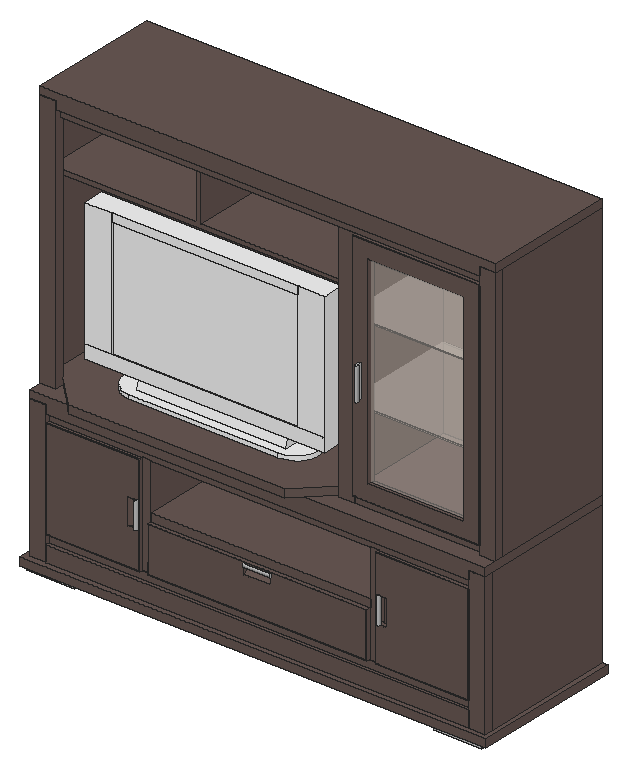
Revit family
Parameters (values of type "1710mm x 1600mm x 550mm")
  Voile TV = Plastique - Gris métal
  TV [instance] = yes
  Poignée = Métal - Alu brossé
  Verre = Verre - Mobilier
  Pieds = Métal - Alu brossé
  Profondeur = 550 mm
  Largeur = 1710 mm
  Hauteur de la base = 600 mm
  Hauteur = 1600 mm
  Finition = Bois - Exotique
  Description = ""
Reference planes
  plane 1 "Arrière": y = 726.112
  plane 2: z = 0
  plane 3 "Centre (gauche/droite)": x = -10
  plane 4 "Gauche": x = -865
  plane 5 "Droite": x = 845
  plane 6 "Avant": y = 176.112
  plane 7 "HAUT": z = 1600
  plane 8: z = 600
  plane 9: x = -437.5
  plane 10: x = 417.5
  plane 11: y = 206.112
  plane 12: y = 201.112
  plane 13: x = -850
  plane 14: x = -805
  plane 15: x = 830
  plane 16: x = 785
  plane 17: z = 40
  plane 18: z = 320
  plane 19: z = 510
  plane 20: z = 130
  plane 21: x = -422.5
  plane 22: x = 402.5
  plane 23: x = -452.5
  plane 24: x = 432.5
  plane 25: y = 226.112
  plane 26: y = 251.112
Forms (mm)
  Extrusion 1, solid, material "Bois - Exotique" <- "Finition"
    sketch origin (-437.5, -1510.806, 1087.34) x (0, 0, 1) y (0, -1, 0)
      loop
        line (-547.34, -2221.918) -> (-547.34, -1716.918) -> (-577.34, -1716.918) -> (-577.34, -1701.918) -> (-957.34, -1701.918) -> (-957.34, -1716.918) -> (-1047.34, -1716.918) -> (-1047.34, -2221.918) -> (-547.34, -2221.918)
    from -15 to 15
  Extrusion 2, solid, material "Bois - Exotique" <- "Finition"
    sketch origin (417.5, -1524, 1087.34) x (0, 0, 1) y (0, -1, 0)
      loop
        line (-1047.34, -1730.112) -> (-1047.34, -2235.112) -> (-547.34, -2235.112) -> (-547.34, -1730.112) -> (-577.34, -1730.112) -> (-577.34, -1715.112) -> (-957.34, -1715.112) -> (-957.34, -1730.112) -> (-1047.34, -1730.112)
    from -15 to 15
  Extrusion 3, solid, material "Bois - Exotique" <- "Finition"
    sketch origin (0, 726.112, 0) x (1, 0, 0) y (0, 0, 1)
      loop
        line (-422.5, 335) -> (-422.5, 305) -> (402.5, 305) -> (402.5, 335) -> (-422.5, 335)
    from 15 to 535
Dimensions and locks
  equal spacing: plane 4 "Gauche", plane 3 "Centre (gauche/droite)", plane 5 "Droite"
  "Largeur": plane 4 "Gauche" to plane 5 "Droite"
  "Hauteur": plane 7 "HAUT" to level
  "Profondeur": plane 6 "Avant" to plane 1 "Arrière"
  equal spacing: plane 4 "Gauche", plane 9, plane 3 "Centre (gauche/droite)"
  equal spacing: plane 3 "Centre (gauche/droite)", plane 10, plane 5 "Droite"
  locked: plane 6 "Avant" to plane 11 at 30
  locked: plane 6 "Avant" to plane 12 at 25
  locked: plane 4 "Gauche" to plane 13 at 15
  locked: plane 4 "Gauche" to plane 14 at 60
  locked: plane 15 to plane 5 "Droite" at 15
  locked: plane 16 to plane 5 "Droite" at 60
  locked: plane 17 to level at 40
  locked: plane 1 "Arrière" to Extrusion 1 sketch curve at 15
  locked: Extrusion 1 sketch curve to plane 8 at 60
  locked: Extrusion 1 sketch curve to plane 8 at 90
  locked: Extrusion 1 sketch curve to plane 17 at 90
  locked: plane 11 to Extrusion 1 sketch curve at 15
  locked: Extrusion 2 sketch curve to plane 1 "Arrière" at 15
  locked: Extrusion 2 sketch curve to plane 8 at 60
  locked: Extrusion 2 sketch curve to plane 8 at 90
  locked: Extrusion 2 sketch curve to plane 17 at 90
  locked: Extrusion 2 sketch curve to plane 11 at 15
  equal spacing: plane 8, plane 18, plane 17
  locked: plane 8 to plane 19 at 90
  locked: plane 20 to plane 17 at 90
  locked: Extrusion 3 sketch curve to plane 9 at 15
  locked: plane 10 to Extrusion 3 sketch curve at 15
  locked: Extrusion 3 sketch curve to plane 18 at 15
  equal spacing: Extrusion 3 sketch curve, plane 18, Extrusion 3 sketch curve
  locked: plane 21 to plane 9 at 15
  locked: plane 10 to plane 22 at 15
  locked: plane 9 to plane 23 at 15
  locked: plane 24 to plane 10 at 15
  locked: plane 6 "Avant" to plane 25 at 50
  locked: plane 25 to plane 26 at 25
  "Hauteur de la base": plane 8 to level
  plane 3 "Centre (gauche/droite)" to nested 7 to plane 9 = 277.5 mm, 150 mm
  locked: plane 6 "Avant" to nested 7 at 100
  aligned and locked: plane 1 "Arrière" to nested 1
  aligned and locked: plane 4 "Gauche" to nested 1
  aligned and locked: plane 5 "Droite" to nested 1
  aligned and locked: plane 6 "Avant" to nested 1
  aligned and locked: plane 17 to Extrusion 1 sketch curve
  aligned and locked: Extrusion 1 sketch curve to plane 11  (x2)
  aligned and locked: Extrusion 2 sketch curve to plane 17
  aligned and locked: plane 11 to Extrusion 2 sketch curve  (x2)
  aligned and locked: Extrusion 1 to Extrusion 3
  aligned and locked: plane 20 to nested 2
  aligned and locked: plane 21 to nested 2
  aligned and locked: plane 22 to nested 2
  aligned and locked: plane 12 to nested 3
  aligned and locked: nested 4 to plane 12
  aligned and locked: plane 14 to nested 4
  aligned and locked: plane 16 to nested 3
  aligned and locked: nested 4 to plane 20
  aligned and locked: plane 20 to nested 3
  aligned and locked: nested 4 to plane 19
  aligned and locked: plane 19 to nested 3
  aligned and locked: plane 23 to nested 4
  aligned and locked: plane 24 to nested 3
  aligned and locked: plane 12 to nested 2
  aligned and locked: plane 26 to nested 5
  aligned and locked: plane 16 to nested 5
  aligned and locked: plane 8 to nested 1
  aligned and locked: plane 8 to nested 6
  aligned and locked: plane 4 "Gauche" to nested 6
  aligned and locked: plane 5 "Droite" to nested 6
  aligned and locked: plane 1 "Arrière" to nested 6
  aligned and locked: plane 25 to nested 6
  aligned and locked: plane 7 "HAUT" to nested 6
  aligned and locked: nested 6 to nested 5  (x2)
  aligned and locked: nested 5 to nested 6
  aligned and locked: nested 7 to nested 6  (x2)
Nested families
  nested 1: "#Base" at (0, 726.112, 0), type "#Base"
    with Profondeur 550 mm, Largeur 1710 mm, Hauteur 600 mm
  nested 2: "#PanneauHor" at (-60, -1057.281, -670), type "#PanneauHor"
    with L 825 mm, H 175 mm
  nested 3: "#PanneauVer" at (558.75, -1057.281, -670), type "#PanneauVer"
    with L 352.5 mm, H 380 mm
  nested 4: "#PanneauVer" at (-578.75, -1057.281, -670) x (-1, 0, 0) z (0, 0, 1), type "#PanneauVer"
    with L 352.5 mm, H 380 mm
  nested 5: "#PorteVitréeBV" at (495, -1007.281, -170), type "#PorteVitréeBV"
    with L 480 mm, Hauteur de la poignée 1200 mm, H 880 mm
  nested 6: "#BaseH" at (85, 726.112, 0), type "#BaseH"
    with Profondeur 500 mm, Largeur 1710 mm, Hauteur de la base 600 mm, Hauteur 1000 mm
  nested 7: "PlasmaTV" at (-277.5, 150, 630), visible <- "TV", type "PlasmaTV"
Definition of nested family "#Base"
  Parameters (values of type "#Base")
    Pieds = Métal - Alu brossé
    Profondeur [instance] = 400 mm
    Largeur [instance] = 640 mm
    Hauteur [instance] = 1810 mm
    Finition = Bois - Exotique
    Assembly Code = ""
  Reference planes
    plane 1 "Arrière": y = 0
    plane 2: z = 0
    plane 3 "Centre (gauche/droite)": x = -10
    plane 4: x = -330
    plane 5: x = 310
    plane 6 "Avant": y = -400
    plane 7: z = 10
    plane 8: z = 40
    plane 9: z = 1810
    plane 10: z = 1750
    plane 11: z = 1780
    plane 12: z = 100
  Forms (mm)
    Extrusion 1, solid, material "Bois - Exotique" <- "Finition"
      sketch origin (1257.924, -1524, 10) x (0, -1, 0) y (-1, 0, 0)
        loop
          line (-1524, 1607.924) -> (-1524, 927.924) -> (-1104, 927.924) -> (-1104, 1607.924) -> (-1524, 1607.924)
      from 0 to -30
    Extrusion 2, solid, material "Métal - Alu brossé" <- "Pieds"
      sketch origin (0, 0, 0) x (1, 0, 0) y (0, 1, 0)
        loop
          line (-330, -415) -> (-150, -415) -> (-150, -350) -> (-330, -350) -> (-330, -415)
        loop
          line (-330, -65) -> (-150, -65) -> (-150, 0) -> (-330, 0) -> (-330, -65)
        loop
          line (130, -65) -> (310, -65) -> (310, 0) -> (130, 0) -> (130, -65)
        loop
          line (130, -415) -> (310, -415) -> (310, -350) -> (130, -350) -> (130, -415)
      from 0 to 10
    Extrusion 3, solid, material "Bois - Exotique" <- "Finition"
      sketch origin (1257.924, -1524, 40) x (0, -1, 0) y (-1, 0, 0)
        loop
          line (-1124, 1587.924) -> (-1154, 1587.924) -> (-1154, 1527.924) -> (-1124, 1527.924) -> (-1124, 1587.924)
        loop
          line (-1124, 1007.924) -> (-1154, 1007.924) -> (-1154, 947.924) -> (-1124, 947.924) -> (-1124, 1007.924)
      from 0 to -1740
    Extrusion 4, solid, material "Bois - Exotique" <- "Finition"
      sketch origin (0, 0, 0) x (1, 0, 0) y (0, 0, 1)
        loop
          line (-330, 1810) -> (-330, 1750) -> (310, 1750) -> (310, 1810) -> (-330, 1810)
      from 0 to 400
    Extrusion 5, solid, material "Bois - Exotique" <- "Finition"
      sketch origin (1257.924, -1524, 40) x (0, -1, 0) y (-1, 0, 0)
        loop
          line (-1154, 1587.924) -> (-1524, 1587.924) -> (-1524, 947.924) -> (-1154, 947.924) -> (-1154, 962.924) -> (-1509, 962.924) -> (-1509, 1572.924) -> (-1154, 1572.924) -> (-1154, 1587.924)
      from 0 to -1740
    Extrusion 6, solid, material "Bois - Exotique" <- "Finition"
      sketch origin (1257.924, -1524, 40) x (0, -1, 0) y (-1, 0, 0)
        loop
          line (-1124, 1527.924) -> (-1139, 1527.924) -> (-1139, 1007.924) -> (-1124, 1007.924) -> (-1124, 1527.924)
      from 0 to -60
    Sweep 7, void
      path in 3D
        loop
          line (-270, -400, 40) -> (-270, -400, 100)
      profile "PCR : 1.5mm x 1.5mm" origin (-270, -400, 70) x (0, 1, 0) y (-1, 0, 0)
        loop
          line (0, 0) -> (0, -1.5) -> (1.5, -1.5) -> (1.5, 0) -> (0, 0)
    Sweep 8, void
      path in 3D
        loop
          line (250, -400, 40) -> (250, -400, 100)
      profile "PCR : 1.5mm x 1.5mm" origin (250, -400, 70) x (0, -1, 0) y (1, 0, 0)
        loop
          line (0, 0) -> (-1.5, 0) -> (-1.5, -1.5) -> (0, -1.5) -> (0, 0)
    Extrusion 9, solid, material "Bois - Exotique" <- "Finition"
      sketch origin (1257.924, -1524, 1750) x (0, -1, 0) y (-1, 0, 0)
        loop
          line (-1139, 1527.924) -> (-1154, 1527.924) -> (-1154, 1007.924) -> (-1139, 1007.924) -> (-1139, 1527.924)
      from 0 to 30
    Extrusion 10, solid, material "Bois - Exotique" <- "Finition"
      sketch origin (1257.924, -1524, 40) x (0, -1, 0) y (-1, 0, 0)
        loop
          line (-1154, 1527.924) -> (-1154, 1007.924) -> (-1139, 1007.924) -> (-1139, 1527.924) -> (-1154, 1527.924)
      from 0 to -90
    Extrusion 11, void
      sketch origin (1257.924, -1524, 1750) x (-1, 0, 0) y (0, -1, 0)
        loop
          line (1587.924, -1124) -> (1526.424, -1124) -> (1526.424, -1154) -> (1587.924, -1154) -> (1587.924, -1124)
        loop
          line (1009.424, -1124) -> (947.924, -1124) -> (947.924, -1154) -> (1009.424, -1154) -> (1009.424, -1124)
      from 0 to 31.5
    Sweep 12, void
      path in 3D
        loop
          line (-330, -400, 1810) -> (-330, 0, 1810)
      profile "PCR : 1.5mm x 1.5mm" origin (-330, -200, 1810) x (-1, 0, 0) y (0, 0, 1)
        loop
          line (0, -28.5) -> (-1.5, -28.5) -> (-1.5, -30) -> (0, -30) -> (0, -28.5)
    Sweep 13, void
      path in 3D
        loop
          line (310, -400, 1810) -> (310, 0, 1810)
      profile "PCR : 1.5mm x 1.5mm" origin (310, -200, 1810) x (-1, 0, 0) y (0, 0, 1)
        loop
          line (0, -28.5) -> (0, -30) -> (1.5, -30) -> (1.5, -28.5) -> (0, -28.5)
  Cuts and joins
    Sweep 7, Sweep 8, Sweep 13 cuts Extrusion 3
    Extrusion 11, Sweep 12, Sweep 13 cuts Extrusion 4
    Extrusion 11, Sweep 12, Sweep 13 cuts Extrusion 5
    Extrusion 11, Sweep 12, Sweep 13 cuts Extrusion 9
    joined: Extrusion 4, Extrusion 5, Extrusion 9
    Sweep 7, Sweep 8 cuts Extrusion 1
    Sweep 7, Sweep 8 cuts Extrusion 6
  Lines and regions (mm)
    sketch lines
      curve 1: line (-270, -400, 40) -> (-270, -400, 100)
      curve 2: line (250, -400, 40) -> (250, -400, 100)
      curve 3: line (-330, -400, 1810) -> (-330, 0, 1810)
      curve 4: line (310, -400, 1810) -> (310, 0, 1810)
    symbolic lines
      curve 5: line (-330, -400, 1750) -> (-330, 0, 1750)
      curve 6: line (310, -400, 1750) -> (-330, -400, 1750)
      curve 7: line (310, 0, 1750) -> (310, -400, 1750)
  Dimensions and locks
    locked: plane 7 to plane 2 at 10
    locked: plane 8 to plane 2 at 40
    Extrusion 1 sketch curve to plane 4 = 20 mm
    plane 5 to Extrusion 1 sketch curve = 20 mm
    locked: Extrusion 1 sketch curve to plane 6 "Avant" at 20
    locked: plane 4 to Extrusion 2 sketch curve at 180
    locked: Extrusion 2 sketch curve to plane 5 at 180
    locked: Extrusion 2 sketch curve to plane 1 "Arrière" at 65
    locked: plane 6 "Avant" to Extrusion 2 sketch curve at 50
    "Hauteur": plane 9 to plane 2
    locked: plane 9 to plane 10 at 60
    locked: plane 9 to plane 11 at 30
    locked: Extrusion 3 sketch curve to Extrusion 3 sketch curve at 60  (x2)
    locked: Extrusion 3 sketch curve to Extrusion 3 sketch curve at 30
    locked: plane 6 "Avant" to Extrusion 5 sketch curve at 30
    locked: plane 4 to Extrusion 5 sketch curve at 15
    locked: Extrusion 5 sketch curve to plane 5 at 15
    locked: Extrusion 5 sketch curve to plane 1 "Arrière" at 15
    locked: Extrusion 2 sketch curve to plane 6 "Avant" at 15
    locked: plane 6 "Avant" to Extrusion 6 sketch curve at 15
    locked: plane 4 to Extrusion 6 sketch curve at 60
    locked: Extrusion 6 sketch curve to plane 5 at 60
    locked: plane 12 to plane 8 at 60
    equal spacing: plane 4, plane 3 "Centre (gauche/droite)", plane 5
    "Largeur": plane 4 to plane 5
    "Profondeur": plane 6 "Avant" to plane 1 "Arrière"
    locked: plane 6 "Avant" to Extrusion 9 sketch curve at 15
    locked: plane 6 "Avant" to Extrusion 9 sketch curve at 30
    locked: plane 4 to Extrusion 9 sketch curve at 60
    locked: Extrusion 9 sketch curve to plane 5 at 60
    locked: plane 6 "Avant" to Extrusion 10 sketch curve at 15
    locked: plane 6 "Avant" to Extrusion 10 sketch curve at 30
    locked: plane 4 to Extrusion 10 sketch curve at 60
    locked: Extrusion 10 sketch curve to plane 5 at 60
    locked: plane 6 "Avant" to Extrusion 11 sketch curve at 30
    locked: plane 4 to Extrusion 11 sketch curve at 61.5
    locked: Extrusion 11 sketch curve to plane 5 at 61.5
    aligned and locked: plane 1 "Arrière" to Extrusion 1 sketch curve
    aligned and locked: Extrusion 1 to plane 8
    aligned and locked: Extrusion 2 sketch curve to Extrusion 2 sketch curve  (x8)
    aligned and locked: Extrusion 2 sketch curve to plane 1 "Arrière"
    aligned and locked: Extrusion 2 sketch curve to plane 4
    aligned and locked: plane 5 to Extrusion 2 sketch curve
    aligned and locked: Extrusion 2 to plane 7
    aligned and locked: Extrusion 3 sketch curve to Extrusion 3 sketch curve  (x2)
    aligned and locked: Extrusion 3 sketch curve to plane 4
    aligned and locked: plane 6 "Avant" to Extrusion 3 sketch curve
    aligned and locked: plane 5 to Extrusion 3 sketch curve
    aligned and locked: Extrusion 3 to plane 11
    aligned and locked: Extrusion 4 sketch curve to plane 4
    aligned and locked: plane 5 to Extrusion 4 sketch curve
    aligned and locked: Extrusion 4 sketch curve to plane 9
    aligned and locked: plane 10 to Extrusion 4 sketch curve
    aligned and locked: Extrusion 5 sketch curve to Extrusion 5 sketch curve
    aligned and locked: plane 4 to Extrusion 5 sketch curve
    aligned and locked: Extrusion 5 sketch curve to plane 5
    aligned and locked: Extrusion 5 to plane 11
    aligned and locked: Extrusion 5 sketch curve to plane 1 "Arrière"
    aligned and locked: plane 6 "Avant" to Extrusion 6 sketch curve
    aligned and locked: cut or joined group of Extrusion 6, Sweep 7, Sweep 8 to plane 12
    aligned and locked: plane 6 "Avant" to cut or joined group of Extrusion 4, Extrusion 5, Extrusion 9, Extrusion 11, Sweep 12, Sweep 13
    aligned and locked: plane 6 "Avant" to Extrusion 11 sketch curve  (x2)
    aligned and locked: Extrusion 11 sketch curve to plane 4
    aligned and locked: plane 5 to Extrusion 11 sketch curve
    aligned and locked: Extrusion 11 sketch curve to Extrusion 11 sketch curve
    aligned and locked: curve 5 to cut or joined group of Extrusion 4, Extrusion 5, Extrusion 9, Extrusion 11, Sweep 12, Sweep 13
    aligned and locked: curve 6 to cut or joined group of Extrusion 4, Extrusion 5, Extrusion 9, Extrusion 11, Sweep 12, Sweep 13
    aligned and locked: curve 7 to cut or joined group of Extrusion 4, Extrusion 5, Extrusion 9, Extrusion 11, Sweep 12, Sweep 13
  Automatic sketch dimensions
    curve 5 to plane 1 "Arrière" = 0 mm
    curve 6 to plane 5 = 0 mm
    curve 6 to plane 6 "Avant" = 0 mm
    curve 5 to plane 4 = 0 mm
    curve 7 to plane 1 "Arrière" = 0 mm
Definition of nested family "#PanneauHor"
  Parameters (values of type "#PanneauHor")
    Poignée = Métal - Alu brossé
    L [instance] = 800 mm
    H [instance] = 300 mm
    Finition = Bois - Exotique
    Assembly Code = ""
  Reference planes
    plane 1 "Arrière": y = 1258.392
    plane 2: z = 0
    plane 3 "Centre (gauche/droite)": x = 50
    plane 4: x = -350
    plane 5: x = 450
    plane 6: z = 800
    plane 7 "H": z = 1100
    plane 8: x = 0
    plane 9: x = 100
  Forms (mm)
    Extrusion 1, solid, material "Bois - Exotique" <- "Finition"
      sketch origin (0, 1258.392, 0) x (1, 0, 0) y (0, 0, 1)
        loop
          line (-348.5, 801.5) -> (448.5, 801.5) -> (448.5, 1098.5) -> (-348.5, 1098.5) -> (-348.5, 801.5)
      from 0 to 25
    Sweep 2, void
      path origin (0, 0, 1100) x (0, -1, 0) y (1, 0, 0)
        loop
          line (-1233.392, 100) -> (-1233.392, 0)
      profile "PC-PT : #01" origin (50, 1233.392, 1100) x (0, -1, 0) y (0, 0, 1)
        loop
          line (0, -13) -> (-5, -13) -> (-5, -6) -> (-20, -6) -> (-20, -16)
          arc (-20, -16) -> (-14.652, -33.708) -> (0, -45) r 30.277
          line (0, -45) -> (0, -13)
    Sweep 3, solid, material "Métal - Alu brossé" <- "Poignée"
      path in 3D
        loop
          line (0, 1233.392, 1087) -> (100, 1233.392, 1087)
      profile "PP : Rayon de 6 mm" origin (50, 1233.392, 1087) x (0, -1, 0) y (0, 0, -1)
        loop
          arc (0, -6.004) -> (2.836, 5.292) -> (-5, -3.325) r 6.004
          line (-5, -3.325) -> (-5, 0) -> (0, 0) -> (0, -6.004)
    Sweep 4, void
      path in 3D
        loop
          line (-348.5, 1233.392, 801.5) -> (448.5, 1233.392, 801.5) -> (448.5, 1233.392, 1098.5) -> (-348.5, 1233.392, 1098.5) -> (-348.5, 1233.392, 801.5)
      profile "PCA : 2mm x 2mm" origin (-348.5, 1233.392, 950) x (0, -1, 0) y (-1, 0, 0)
        loop
          line (-2, 0) -> (0, -2) -> (0, 0) -> (-2, 0)
  Cuts and joins
    Sweep 2, Sweep 4 cuts Extrusion 1
  Lines and regions (mm)
    sketch lines
      curve 1: line (0, 1233.392, 1087) -> (100, 1233.392, 1087)
      curve 2: line (-348.5, 1233.392, 1098.5) -> (-348.5, 1233.392, 801.5)
      curve 3: line (448.5, 1233.392, 1098.5) -> (-348.5, 1233.392, 1098.5)
      curve 4: line (448.5, 1233.392, 801.5) -> (448.5, 1233.392, 1098.5)
      curve 5: line (-348.5, 1233.392, 801.5) -> (448.5, 1233.392, 801.5)
  Dimensions and locks
    equal spacing: plane 4, plane 3 "Centre (gauche/droite)", plane 5
    "L": plane 4 to plane 5
    "H": plane 7 "H" to plane 6
    locked: plane 7 "H" to Extrusion 1 sketch curve at 1.5
    locked: Extrusion 1 sketch curve to plane 6 at 1.5
    locked: Extrusion 1 sketch curve to plane 4 at 1.5
    locked: plane 5 to Extrusion 1 sketch curve at 1.5
    locked: plane 8 to plane 3 "Centre (gauche/droite)" at 50
    locked: plane 3 "Centre (gauche/droite)" to plane 9 at 50
    locked: Sweep 2 sketch curve to plane 1 "Arrière" at 25
    aligned and locked: plane 8 to Sweep 2 sketch curve
    aligned and locked: plane 9 to Sweep 2 sketch curve
Definition of nested family "#PanneauVer"
  Parameters (values of type "#PanneauVer")
    Poignée = Métal - Alu brossé
    L [instance] = 800 mm
    H [instance] = 300 mm
    Finition = Bois - Exotique
    Assembly Code = ""
  Reference planes
    plane 1 "Arrière": y = 1258.392
    plane 2: z = 0
    plane 3 "Centre (gauche/droite)": x = 50
    plane 4: x = -350
    plane 5: x = 450
    plane 6: z = 800
    plane 7 "H": z = 1100
    plane 8: z = 950
    plane 9: z = 1000
    plane 10: z = 900
  Forms (mm)
    Extrusion 1, solid, material "Bois - Exotique" <- "Finition"
      sketch origin (0, 1258.392, 0) x (1, 0, 0) y (0, 0, 1)
        loop
          line (-348.5, 801.5) -> (448.5, 801.5) -> (448.5, 1098.5) -> (-348.5, 1098.5) -> (-348.5, 801.5)
      from 0 to 25
    Sweep 2, void
      path in 3D
        loop
          line (-348.5, 1233.392, 801.5) -> (448.5, 1233.392, 801.5) -> (448.5, 1233.392, 1098.5) -> (-348.5, 1233.392, 1098.5) -> (-348.5, 1233.392, 801.5)
      profile "PCA : 2mm x 2mm" origin (-348.5, 1233.392, 950) x (0, -1, 0) y (-1, 0, 0)
        loop
          line (-2, 0) -> (0, -2) -> (0, 0) -> (-2, 0)
    Sweep 3, void
      path origin (-350, 1482.579, 1200) x (0, 1, 0) y (0, 0, 1)
        loop
          line (-249.187, -300) -> (-249.187, -200)
      profile "PC-PT : #01" origin (-350, 1233.392, 950) x (0, -1, 0) y (1, 0, 0)
        loop
          line (0, 13) -> (0, 45)
          arc (0, 45) -> (-14.652, 33.708) -> (-20, 16) r 30.277
          line (-20, 16) -> (-20, 6) -> (-5, 6) -> (-5, 13) -> (0, 13)
    Sweep 4, solid, material "Métal - Alu brossé" <- "Poignée"
      path in 3D
        loop
          line (-337, 1233.392, 900) -> (-337, 1233.392, 1000)
      profile "PP : Rayon de 6 mm" origin (-337, 1233.392, 950) x (0, -1, 0) y (1, 0, 0)
        loop
          arc (0, -6.004) -> (2.836, 5.292) -> (-5, -3.325) r 6.004
          line (-5, -3.325) -> (-5, 0) -> (0, 0) -> (0, -6.004)
  Cuts and joins
    Sweep 2, Sweep 3 cuts Extrusion 1
  Lines and regions (mm)
    sketch lines
      curve 1: line (-348.5, 1233.392, 1098.5) -> (-348.5, 1233.392, 801.5)
      curve 2: line (448.5, 1233.392, 1098.5) -> (-348.5, 1233.392, 1098.5)
      curve 3: line (448.5, 1233.392, 801.5) -> (448.5, 1233.392, 1098.5)
      curve 4: line (-348.5, 1233.392, 801.5) -> (448.5, 1233.392, 801.5)
      curve 5: line (-337, 1233.392, 900) -> (-337, 1233.392, 1000)
  Dimensions and locks
    equal spacing: plane 4, plane 3 "Centre (gauche/droite)", plane 5
    "L": plane 4 to plane 5
    "H": plane 7 "H" to plane 6
    locked: plane 7 "H" to Extrusion 1 sketch curve at 1.5
    locked: Extrusion 1 sketch curve to plane 6 at 1.5
    locked: Extrusion 1 sketch curve to plane 4 at 1.5
    locked: plane 5 to Extrusion 1 sketch curve at 1.5
    equal spacing: plane 7 "H", plane 8, plane 6
    locked: plane 9 to plane 8 at 50
    locked: plane 8 to plane 10 at 50
    locked: plane 1 "Arrière" to Sweep 3 sketch curve at 25
    aligned and locked: plane 10 to Sweep 3 sketch curve
    aligned and locked: plane 9 to Sweep 3 sketch curve
Definition of nested family "#PorteVitréeBV"
  Parameters (values of type "#PorteVitréeBV")
    Poignée = Métal - Alu brossé
    L [instance] = 600 mm
    Hauteur de la poignée [instance] = 1300 mm
    H [instance] = 1400 mm
    Verre = Verre - Mobilier
    Finition = Bois - Exotique
    Assembly Code = ""
  Reference planes
    plane 1 "Arrière": y = 1258.392
    plane 2: z = 0
    plane 3 "Centre (gauche/droite)": x = 50
    plane 4: x = -250
    plane 5: x = 350
    plane 6: z = 800
    plane 7: z = 2200
    plane 8: z = 1300
  Forms (mm)
    Extrusion 1, solid, material "Bois - Exotique" <- "Finition"
      sketch origin (0, 1258.392, 0) x (1, 0, 0) y (0, 0, 1)
        loop
          line (-248.5, 801.5) -> (348.5, 801.5) -> (348.5, 2198.5) -> (-248.5, 2198.5) -> (-248.5, 801.5)
        loop
          line (-188.5, 861.5) -> (288.5, 861.5) -> (288.5, 2138.5) -> (-188.5, 2138.5) -> (-188.5, 861.5)
      from 0 to 25
    Extrusion 2, solid, material "Verre - Mobilier" <- "Verre"
      sketch origin (0, 1258.392, 0) x (1, 0, 0) y (0, 0, 1)
        loop
          line (-188.5, 2138.5) -> (-188.5, 861.5) -> (288.5, 861.5) -> (288.5, 2138.5) -> (-188.5, 2138.5)
      from 10 to 15
    Sweep 3, void
      path in 3D
        loop
          line (-248.5, 1233.392, 801.5) -> (348.5, 1233.392, 801.5) -> (348.5, 1233.392, 2198.5) -> (-248.5, 1233.392, 2198.5) -> (-248.5, 1233.392, 801.5)
      profile "PCA : 2mm x 2mm" origin (-248.5, 1233.392, 1500) x (0, -1, 0) y (-1, 0, 0)
        loop
          line (-2, 0) -> (0, -2) -> (0, 0) -> (-2, 0)
  Cuts and joins
    Sweep 3 cuts Extrusion 1
  Lines and regions (mm)
    sketch lines
      curve 1: line (-248.5, 1233.392, 2198.5) -> (-248.5, 1233.392, 801.5)
      curve 2: line (348.5, 1233.392, 2198.5) -> (-248.5, 1233.392, 2198.5)
      curve 3: line (348.5, 1233.392, 801.5) -> (348.5, 1233.392, 2198.5)
      curve 4: line (-248.5, 1233.392, 801.5) -> (348.5, 1233.392, 801.5)
  Dimensions and locks
    equal spacing: plane 4, plane 3 "Centre (gauche/droite)", plane 5
    "L": plane 4 to plane 5
    "H": plane 7 to plane 6
    locked: plane 7 to Extrusion 1 sketch curve at 1.5
    locked: Extrusion 1 sketch curve to plane 6 at 1.5
    locked: Extrusion 1 sketch curve to plane 4 at 1.5
    locked: plane 5 to Extrusion 1 sketch curve at 1.5
    locked: Extrusion 1 sketch curve to Extrusion 1 sketch curve at 60  (x4)
    locked: Extrusion 2 sketch curve to plane 4 at 61.5
    locked: plane 5 to Extrusion 2 sketch curve at 61.5
    locked: plane 7 to Extrusion 2 sketch curve at 61.5
    locked: Extrusion 2 sketch curve to plane 6 at 61.5
    "Hauteur de la poignée": plane 8 to level
    locked: plane 4 to nested 1 at 28
    aligned and locked: Extrusion 1 to nested 1
    aligned and locked: plane 8 to nested 1
  Nested families
    nested 1: "PoignéePV" at (-222, 1233.392, 309.739), type "100mm"
  Definition of nested family "PoignéePV"
    Parameters (values of type "100mm")
      Poignée = Métal - Alu brossé
      Assembly Code = ""
    Reference planes
      plane 1 "Centre (avant/arrière)": y = 0
      plane 2: z = 0
      plane 3 "Centre (gauche/droite)": x = 0
      plane 4: z = 990.261
    Forms (mm)
      Extrusion 1, solid, material "Métal - Alu brossé" <- "Poignée"
        sketch origin (778.819, -1524, 990.261) x (0, -1, 0) y (-1, 0, 0)
          loop
            line (-1503, 778.819) -> (-1524, 778.819) -> (-1524, 772.819) -> (-1509, 772.819)
            arc (-1509, 772.819) -> (-1498.757, 768.576) -> (-1503, 778.819) r 6
        from -60 to 60
Definition of nested family "#BaseH"
  Parameters (values of type "#BaseH")
    Verre = Verre - Mobilier
    Profondeur [instance] = 400 mm
    Largeur [instance] = 1200 mm
    Hauteur de la base [instance] = 500 mm
    Hauteur [instance] = 1710 mm
    Finition = Bois - Exotique
    Assembly Code = ""
  Reference planes
    plane 1 "Arrière": y = 0
    plane 2: z = 0
    plane 3 "Centre (gauche/droite)": x = 190
    plane 4: x = -610
    plane 5: x = 590
    plane 6 "Avant": y = -400
    plane 7: z = 500
    plane 8: z = 2210
    plane 9: z = 2150
    plane 10: z = 2180
    plane 11: z = 530
    plane 12: x = -210
    plane 13: z = 2120
    plane 14: z = 1920
    plane 15: y = -370
    plane 16: z = 1060
    plane 17: z = 1590
  Forms (mm)
    Extrusion 1, solid, material "Bois - Exotique" <- "Finition"
      sketch origin (1257.924, -1524, 500) x (0, -1, 0) y (-1, 0, 0)
        loop
          line (-1124, 1867.924) -> (-1154, 1867.924) -> (-1154, 1807.924) -> (-1124, 1807.924) -> (-1124, 1867.924)
        loop
          line (-1124, 727.924) -> (-1154, 727.924) -> (-1154, 667.924) -> (-1124, 667.924) -> (-1124, 727.924)
      from 0 to -1680
    Extrusion 2, solid, material "Bois - Exotique" <- "Finition"
      sketch origin (0, 0, 0) x (1, 0, 0) y (0, 0, 1)
        loop
          line (-610, 2210) -> (-610, 2150) -> (590, 2150) -> (590, 2210) -> (-610, 2210)
      from 0 to 400
    Extrusion 3, solid, material "Bois - Exotique" <- "Finition"
      sketch origin (1257.924, -1524, 500) x (0, -1, 0) y (-1, 0, 0)
        loop
          line (-1154, 1867.924) -> (-1524, 1867.924) -> (-1524, 667.924) -> (-1154, 667.924) -> (-1154, 682.924) -> (-1509, 682.924) -> (-1509, 1852.924) -> (-1154, 1852.924) -> (-1154, 1867.924)
      from 0 to -1680
    Extrusion 4, solid, material "Bois - Exotique" <- "Finition"
      sketch origin (1257.924, -1524, 2150) x (0, -1, 0) y (-1, 0, 0)
        loop
          line (-1139, 1807.924) -> (-1154, 1807.924) -> (-1154, 727.924) -> (-1139, 727.924) -> (-1139, 1807.924)
      from 0 to 30
    Extrusion 5, solid, material "Bois - Exotique" <- "Finition"
      sketch origin (1257.924, -1524, 500) x (0, -1, 0) y (-1, 0, 0)
        loop
          line (-1154, 1037.924) -> (-1154, 727.924) -> (-1139, 727.924) -> (-1139, 1037.924) -> (-1154, 1037.924)
      from 0 to -30
    Extrusion 6, void
      sketch origin (1257.924, -1524, 2150) x (-1, 0, 0) y (0, -1, 0)
        loop
          line (1867.924, -1124) -> (1806.424, -1124) -> (1806.424, -1154) -> (1867.924, -1154) -> (1867.924, -1124)
        loop
          line (729.424, -1124) -> (667.924, -1124) -> (667.924, -1154) -> (729.424, -1154) -> (729.424, -1124)
      from 0 to 31.5
    Sweep 7, void
      path in 3D
        loop
          line (-610, -400, 2210) -> (-610, 0, 2210)
      profile "PCR : 1.5mm x 1.5mm" origin (-610, -200, 2210) x (-1, 0, 0) y (0, 0, 1)
        loop
          line (0, -28.5) -> (-1.5, -28.5) -> (-1.5, -30) -> (0, -30) -> (0, -28.5)
    Sweep 8, void
      path in 3D
        loop
          line (590, -400, 2210) -> (590, 0, 2210)
      profile "PCR : 1.5mm x 1.5mm" origin (590, -200, 2210) x (-1, 0, 0) y (0, 0, 1)
        loop
          line (0, -28.5) -> (0, -30) -> (1.5, -30) -> (1.5, -28.5) -> (0, -28.5)
    Extrusion 9, solid, material "Bois - Exotique" <- "Finition"
      sketch origin (1257.924, -1524, 500) x (0, -1, 0) y (-1, 0, 0)
        loop
          line (-1154, 1037.924) -> (-1139, 1037.924) -> (-1139, 1097.924) -> (-1154, 1097.924) -> (-1154, 1037.924)
      from 0 to -1620
    Extrusion 10, solid, material "Bois - Exotique" <- "Finition"
      sketch origin (1257.924, -1524, 500) x (0, -1, 0) y (-1, 0, 0)
        loop
          line (-1154, 1097.924) -> (-1509, 1097.924) -> (-1509, 1082.924) -> (-1154, 1082.924) -> (-1154, 1097.924)
      from 0 to -1650
    Extrusion 11, solid, material "Bois - Exotique" <- "Finition"
      sketch origin (1257.924, -1524, 500) x (0, -1, 0) y (-1, 0, 0)
        loop
          line (-1509, 1082.924) -> (-1509, 682.924) -> (-1154, 682.924) -> (-1154, 1082.924) -> (-1509, 1082.924)
      from 0 to -15
    Extrusion 12, solid, material "Bois - Exotique" <- "Finition"
      sketch origin (0, 0, 0) x (1, 0, 0) y (0, 0, 1)
        loop
          line (160, 1920) -> (160, 1935) -> (-202.5, 1935) -> (-202.5, 2150) -> (-217.5, 2150) -> (-217.5, 1935) -> (-595, 1935) -> (-595, 1920) -> (160, 1920)
      from 15 to 370
    Extrusion 13, solid, material "Verre - Mobilier"
      sketch origin (0, 0, 0) x (1, 0, 0) y (0, 0, 1)
        loop
          line (175, 1585) -> (575, 1585) -> (575, 1590) -> (175, 1590) -> (175, 1585)
        loop
          line (175, 1055) -> (575, 1055) -> (575, 1060) -> (175, 1060) -> (175, 1055)
      from 15 to 370
    Extrusion 14, solid, material "Bois - Exotique" <- "Finition"
      sketch origin (1257.924, -1524, 500) x (0, -1, 0) y (-1, 0, 0)
        loop
          line (-1509, 1852.924) -> (-1509, 1097.924) -> (-1154, 1097.924) -> (-1034, 1217.924) -> (-1034, 1687.924) -> (-1154, 1807.924) -> (-1154, 1852.924) -> (-1509, 1852.924)
      from 0 to -30
  Cuts and joins
    Sweep 8 cuts Extrusion 1
    Extrusion 6, Sweep 7, Sweep 8 cuts Extrusion 2
    Extrusion 6, Sweep 7, Sweep 8 cuts Extrusion 3
    Extrusion 6, Sweep 7, Sweep 8 cuts Extrusion 4
    joined: Extrusion 2, Extrusion 3, Extrusion 4
  Lines and regions (mm)
    sketch lines
      curve 1: line (-610, -400, 2210) -> (-610, 0, 2210)
      curve 2: line (590, -400, 2210) -> (590, 0, 2210)
  Dimensions and locks
    "Hauteur de la base": plane 7 to plane 2
    "Hauteur": plane 8 to plane 7
    locked: plane 8 to plane 9 at 60
    locked: plane 8 to plane 10 at 30
    locked: Extrusion 1 sketch curve to Extrusion 1 sketch curve at 60  (x2)
    locked: Extrusion 1 sketch curve to Extrusion 1 sketch curve at 30
    locked: plane 6 "Avant" to Extrusion 3 sketch curve at 30
    locked: plane 4 to Extrusion 3 sketch curve at 15
    locked: Extrusion 3 sketch curve to plane 5 at 15
    locked: Extrusion 3 sketch curve to plane 1 "Arrière" at 15
    locked: plane 11 to plane 7 at 30
    equal spacing: plane 4, plane 12, plane 3 "Centre (gauche/droite)", plane 5
    "Largeur": plane 4 to plane 5
    "Profondeur": plane 6 "Avant" to plane 1 "Arrière"
    locked: plane 6 "Avant" to Extrusion 4 sketch curve at 15
    locked: plane 6 "Avant" to Extrusion 4 sketch curve at 30
    locked: plane 4 to Extrusion 4 sketch curve at 60
    locked: Extrusion 4 sketch curve to plane 5 at 60
    locked: plane 6 "Avant" to Extrusion 5 sketch curve at 15
    locked: plane 6 "Avant" to Extrusion 5 sketch curve at 30
    locked: plane 3 "Centre (gauche/droite)" to Extrusion 5 sketch curve at 30
    locked: Extrusion 5 sketch curve to plane 5 at 60
    locked: plane 6 "Avant" to Extrusion 6 sketch curve at 30
    locked: plane 4 to Extrusion 6 sketch curve at 61.5
    locked: Extrusion 6 sketch curve to plane 5 at 61.5
    locked: plane 9 to plane 13 at 30
    locked: plane 6 "Avant" to Extrusion 9 sketch curve at 15
    locked: Extrusion 9 sketch curve to Extrusion 9 sketch curve at 15
    locked: Extrusion 9 sketch curve to plane 3 "Centre (gauche/droite)" at 30
    locked: plane 3 "Centre (gauche/droite)" to Extrusion 9 sketch curve at 30
    locked: Extrusion 10 sketch curve to plane 3 "Centre (gauche/droite)" at 15
    locked: Extrusion 10 sketch curve to plane 3 "Centre (gauche/droite)" at 30
    locked: plane 6 "Avant" to Extrusion 10 sketch curve at 30
    locked: Extrusion 10 sketch curve to plane 1 "Arrière" at 15
    locked: plane 13 to plane 14 at 200
    locked: plane 3 "Centre (gauche/droite)" to Extrusion 12 sketch curve at 30
    locked: Extrusion 12 sketch curve to plane 4 at 15
    locked: Extrusion 12 sketch curve to Extrusion 12 sketch curve at 15
    equal spacing: Extrusion 12 sketch curve, plane 12, Extrusion 12 sketch curve
    locked: Extrusion 12 sketch curve to plane 12 at 7.5
    locked: plane 6 "Avant" to plane 15 at 30
    equal spacing: plane 13, plane 17, plane 16, plane 11
    locked: plane 3 "Centre (gauche/droite)" to Extrusion 13 sketch curve at 15
    locked: plane 5 to Extrusion 13 sketch curve at 15
    locked: plane 17 to Extrusion 13 sketch curve at 5
    locked: plane 16 to Extrusion 13 sketch curve at 5
    locked: plane 4 to Extrusion 14 sketch curve at 15
    locked: Extrusion 14 sketch curve to plane 1 "Arrière" at 15
    locked: Extrusion 14 sketch curve to plane 3 "Centre (gauche/droite)" at 30
    plane 4 to Extrusion 14 sketch curve = 60 mm
    locked: Extrusion 14 sketch curve to plane 15 at 120
    aligned and locked: Extrusion 1 sketch curve to Extrusion 1 sketch curve  (x2)
    aligned and locked: Extrusion 1 sketch curve to plane 4
    aligned and locked: plane 6 "Avant" to Extrusion 1 sketch curve
    aligned and locked: plane 5 to Extrusion 1 sketch curve
    aligned and locked: Extrusion 1 to plane 10
    aligned and locked: Extrusion 2 sketch curve to plane 4
    aligned and locked: plane 5 to Extrusion 2 sketch curve
    aligned and locked: Extrusion 2 sketch curve to plane 8
    aligned and locked: plane 9 to Extrusion 2 sketch curve
    aligned and locked: Extrusion 3 sketch curve to Extrusion 3 sketch curve
    aligned and locked: plane 4 to Extrusion 3 sketch curve
    aligned and locked: Extrusion 3 sketch curve to plane 5
    aligned and locked: Extrusion 3 to plane 10
    aligned and locked: Extrusion 3 sketch curve to plane 1 "Arrière"
    aligned and locked: plane 6 "Avant" to cut or joined group of Extrusion 2, Extrusion 3, Extrusion 4, Extrusion 6, Sweep 7, Sweep 8
    aligned and locked: plane 6 "Avant" to Extrusion 6 sketch curve  (x2)
    aligned and locked: Extrusion 6 sketch curve to plane 4
    aligned and locked: plane 5 to Extrusion 6 sketch curve
    aligned and locked: Extrusion 6 sketch curve to Extrusion 6 sketch curve
    aligned and locked: Extrusion 9 to plane 13
    aligned and locked: Extrusion 10 to cut or joined group of Extrusion 2, Extrusion 3, Extrusion 4, Extrusion 6, Sweep 7, Sweep 8
    aligned and locked: Extrusion 11 sketch curve to Extrusion 10
    aligned and locked: Extrusion 11 sketch curve to cut or joined group of Extrusion 2, Extrusion 3, Extrusion 4, Extrusion 6, Sweep 7, Sweep 8  (x2)
    aligned and locked: Extrusion 11 sketch curve to Extrusion 5
    aligned and locked: Extrusion 12 sketch curve to Extrusion 12 sketch curve
    aligned and locked: Extrusion 12 sketch curve to plane 14
    aligned and locked: plane 9 to Extrusion 12 sketch curve
    aligned and locked: Extrusion 12 to cut or joined group of Extrusion 1, Sweep 8
    aligned and locked: Extrusion 13 sketch curve to Extrusion 13 sketch curve  (x2)
    aligned and locked: Extrusion 13 sketch curve to plane 17
    aligned and locked: Extrusion 13 sketch curve to plane 16
    aligned and locked: plane 15 to Extrusion 13
    aligned and locked: plane 15 to Extrusion 14 sketch curve
  Automatic sketch dimensions
    Extrusion 14 sketch curve to plane 15 = 0 mm
    Extrusion 14 sketch curve to Extrusion 14 sketch curve = 120 mm
    Extrusion 14 sketch curve to plane 3 "Centre (gauche/droite)" = 150 mm
Definition of nested family "PlasmaTV"
  Parameters (values of type "PlasmaTV")
    Largeur = 900 mm
    Voile TV = Plastique - Gris métal
    Hauteur = 600 mm
    Assembly Code = ""
  Reference planes
    plane 1 "Arrière": y = 726.112
    plane 2: z = 0
    plane 3 "Centre (gauche/droite)": x = -10
    plane 4 "Gauche": x = -460
    plane 5 "Droite": x = 440
    plane 6 "Avant": y = 126.112
    plane 7 "HAUT": z = 600
    plane 8: z = 75
  Forms (mm)
    Extrusion 1, solid, material "Plastique - Gris métal" <- "Voile TV"
      sketch origin (-1179.795, -1524, 75) x (-1, 0, 0) y (0, -1, 0)
        loop
          line (-719.795, -1650.112) -> (-1619.795, -1650.112) -> (-1619.795, -1730.112) -> (-1519.795, -1730.112) -> (-1449.795, -1800.112) -> (-889.795, -1800.112) -> (-819.795, -1730.112) -> (-719.795, -1730.112) -> (-719.795, -1650.112)
      from 0 to 525
    Extrusion 2, void
      sketch origin (-10, 0, 0) x (0, 1, 0) y (0, 0, 1)
        loop
          line (276.112, 430) -> (276.112, 600) -> (206.112, 600) -> (206.112, 500) -> (276.112, 430)
      from -450 to 450
    Extrusion 3, void
      sketch origin (440, 126.112, 75) x (1, 0, 0) y (0, 0, -1)
        loop
          line (-800, -50) -> (-800, -495) -> (-100, -495) -> (-100, -50) -> (-800, -50)
      from 0 to 5
    Extrusion 4, solid, material "Plastique - Gris métal" <- "Voile TV"
      sketch origin (-10, 0, 0) x (0, 1, 0) y (0, 0, 1)
        loop
          line (291.112, 15) -> (254.578, 15) -> (235.615, 75) -> (176.609, 75) -> (157.645, 15) -> (121.112, 15) -> (121.112, 0) -> (291.112, 0) -> (291.112, 15)
      from -280 to 280
    Extrusion 5, solid, material "Plastique - Gris métal" <- "Voile TV"
      sketch origin (0, 0, 0) x (1, 0, 0) y (0, 1, 0)
        loop
          line (270, 291.112) -> (270, 121.112)
          arc (270, 121.112) -> (355, 206.112) -> (270, 291.112) r 85
      from 0 to 15
    Extrusion 6, solid, material "Plastique - Gris métal" <- "Voile TV"
      sketch origin (50, 0, 0) x (-1, 0, 0) y (0, -1, 0)
        loop
          arc (340, -291.112) -> (425, -206.112) -> (340, -121.112) r 85
          line (340, -121.112) -> (340, -291.112)
      from 0 to 15
    Extrusion 7, void
      sketch origin (440, 126.112, 75) x (1, 0, 0) y (0, 0, -1)
        loop
          line (-900, -50) -> (0, -50) -> (0, -48) -> (-900, -48) -> (-900, -50)
        loop
          line (-800, -495) -> (-800, -525) -> (-798, -525) -> (-798, -495) -> (-800, -495)
        loop
          line (-100, -495) -> (-102, -495) -> (-102, -525) -> (-100, -525) -> (-100, -495)
      from 0 to 2
  Cuts and joins
    Extrusion 2, Extrusion 3, Extrusion 7 cuts Extrusion 1
    joined: Extrusion 4, Extrusion 5, Extrusion 6
  Lines and regions (mm)
    Split face 1
      outline origin (-360, 131.112, 125) x (0, 0, 1) y (-1, 0, 0)
        loop
          line (415, -30) -> (30, -30) -> (30, -670) -> (415, -670) -> (415, -30)
  Dimensions and locks
    equal spacing: plane 4 "Gauche", plane 3 "Centre (gauche/droite)", plane 5 "Droite"
    "Largeur": plane 4 "Gauche" to plane 5 "Droite"
    "Hauteur": plane 7 "HAUT" to level
    plane 6 "Avant" to plane 1 "Arrière" = 600 mm
    locked: Extrusion 1 sketch curve to Extrusion 1 sketch curve at 80
    locked: Extrusion 1 sketch curve to Extrusion 1 sketch curve at 70
    locked: Extrusion 1 sketch curve to Extrusion 1 sketch curve at 100  (x2)
    locked: Extrusion 3 sketch curve to plane 4 "Gauche" at 100
    locked: plane 5 "Droite" to Extrusion 3 sketch curve at 100
    locked: plane 7 "HAUT" to Extrusion 3 sketch curve at 30
    locked: Extrusion 3 sketch curve to plane 8 at 50
    locked: Split face 1 sketch curve to plane 4 "Gauche" at 130
    locked: plane 5 "Droite" to Split face 1 sketch curve at 130
    locked: plane 7 "HAUT" to Split face 1 sketch curve at 60
    locked: Split face 1 sketch curve to plane 8 at 80
    locked: Extrusion 7 sketch curve to plane 4 "Gauche" at 100
    locked: plane 5 "Droite" to Extrusion 7 sketch curve at 100
    aligned and locked: Extrusion 1 sketch curve to Extrusion 1 sketch curve
    aligned and locked: Extrusion 1 sketch curve to plane 6 "Avant"
    aligned and locked: Extrusion 1 to plane 7 "HAUT"
    aligned and locked: Extrusion 2 to plane 4 "Gauche"
    aligned and locked: plane 5 "Droite" to Extrusion 2
    aligned and locked: Extrusion 2 sketch curve to cut or joined group of Extrusion 1, Extrusion 2, Extrusion 3, Extrusion 7  (x2)
    aligned and locked: plane 7 "HAUT" to Extrusion 2 sketch curve
    aligned and locked: Extrusion 4 sketch curve to Extrusion 4 sketch curve
    aligned and locked: plane 4 "Gauche" to Extrusion 7 sketch curve
    aligned and locked: Extrusion 7 sketch curve to plane 5 "Droite"
    aligned and locked: plane 7 "HAUT" to Extrusion 7 sketch curve
    aligned and locked: Extrusion 7 sketch curve to plane 7 "HAUT"
    aligned and locked: Extrusion 7 sketch curve to Extrusion 7 sketch curve
  Automatic sketch dimensions
    Extrusion 1 sketch curve to plane 5 "Droite" = 0 mm
    Extrusion 1 sketch curve to plane 4 "Gauche" = 0 mm
    Extrusion 1 sketch curve to Extrusion 1 sketch curve = 70 mm  (x2)
    plane 7 "HAUT" to Extrusion 2 sketch curve = 100 mm
    Extrusion 2 sketch curve to Extrusion 2 sketch curve = 70 mm
    Extrusion 4 sketch curve to plane 8 = 0 mm
    level to Extrusion 4 sketch curve = 15 mm
    plane 6 "Avant" to Extrusion 4 sketch curve = 5 mm
    Extrusion 4 sketch curve to plane 6 "Avant" = 31.534 mm
    Extrusion 4 sketch curve to plane 6 "Avant" = 50.497 mm
    Extrusion 4 sketch curve to Extrusion 4 sketch curve = 59.006 mm
    Extrusion 4 sketch curve to Extrusion 4 sketch curve = 18.963 mm
    Extrusion 4 sketch curve to Extrusion 4 sketch curve = 36.534 mm
    Extrusion 4 sketch curve to level = 0 mm
    plane 6 "Avant" to Extrusion 6 sketch curve = 5 mm
    plane 4 "Gauche" to Extrusion 6 sketch curve = 170 mm
    Extrusion 6 sketch curve to plane 6 "Avant" = 80 mm
    plane 6 "Avant" to Extrusion 5 sketch curve = 5 mm
    Extrusion 5 sketch curve to plane 5 "Droite" = 170 mm
    Extrusion 5 sketch curve to plane 6 "Avant" = 80 mm
    Extrusion 7 sketch curve to Extrusion 7 sketch curve = 2 mm  (x3)
    Extrusion 7 sketch curve to Extrusion 7 sketch curve = 30 mm
    Extrusion 7 sketch curve to Extrusion 1 = 50 mm
